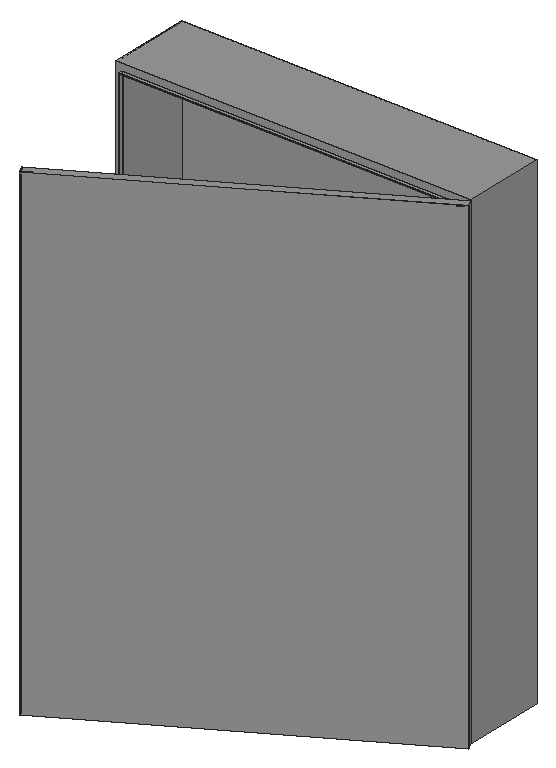
Revit family "Hager-Univers-IP44-D205-H1100-Cl.I-encl-NoHosted-NL-en", category Equipement électrique, Revit 2020
Family settings
  Configuration du panneau = Deux colonnes, circuits au sein
  Cote de connecteur circulaire = Utiliser le diamètre
  Type d'élément = Tableau de raccordement
  Basée sur le plan de construction = Oui
  Toujours verticalement = Oui
  Couper avec des vides une fois chargée = Non
  Partagée = Non
  Point de calcul de pièce = Non
Parameters (values of type "Surface mounted (plaster) IP44 W800 H1100 D205  - FP73QT")
  Width Control [instance] = if([EF000008 - Width] > Min Width, [EF000008 - Width], Min Width)  # 800 mm
  Commentaires du type = [HG000003 - Range]  # "Univers"
  Thickness Door [instance] = if([EF009171 - Material plate thickness door/cover] > 3 mm, 3 mm, [EF009171 - Material plate thickness door/cover])  # 1 mm
  Seal Frame Offset [instance] = 17 mm  # constant formula
  Plinth Visibility [instance] = [HG000027 - Plinth height] > 0 mm  # no
  Min Width [instance] = 100 mm  # constant formula
  Min Depth [instance] = (2 * [EF009170 - Material plate thickness cabinet]) + 1 mm  # 3 mm
  Min Height [instance] = 100 mm  # constant formula
  Internal Frame Depth [instance] = (Door System Depth * 0.5)  # 9 mm
  Panel Name [instance] = ""  # (empty or 0)
  Model = ""
  HG000027 - Plinth height = 0 mm
  HG000026 - Floor standing = no
  HG000024 - Bottom section height = 600 mm
  HG000023 - Double section enclosure = no
  HG000016 - Door 3d visibility [instance] = yes
  HG000015 - Clearance visibility [instance] = no
  HG000014 - Door on the right [instance] = yes
  HG000013 - Door on the left [instance] = not([HG000014 - Door on the right])  # no
  HG000012 - Door swing angle [instance] = 30.00°
  HG000010 - Asymmetric doors = no
  HG000009 - Double swing door = no
  HG000006 - Flush mounted = no
  HG000004 - Manufacturer reference = "FP73QT"
  HG000003 - Range = "Univers"
  HG000002 - With door or cover = yes
  Frame Offset Bottom [instance] = 10 mm  # constant formula
  Frame Offset [instance] = 15 mm  # constant formula
  EF015940 - Cover with overpressure release = no
  EF011959 - Degree of protection (NEMA) = ""
  EF009554 - Number of openings for flange plates = 6
  EF009212 - Cover model = "EV000116 - Closed"
  EF009171 - Material plate thickness door/cover = 1 mm
  EF009170 - Material plate thickness cabinet = 1 mm
  EF008873 - Nominal current (In) = 250 A
  EF007800 - Suitable for lightning protection = no
  EF006306 - With lock = no
  EF006244 - Transparent cover/door = no
  EF005474 - Degree of protection (IP) = "EV006418 - IP44"
  EF004464 - Type of door = "EV002646 - Single"
  EF004427 - Number of modules = 252
  EF004293 - Impact strength = "EV006815 - IK09"
  EF003532 - Suitable for outdoor use = no
  EF002950 - Width in number of modular spacings = 36
  EF001613 - Circuit integrity = "EV000494 - None"
  EF001596 - Material housing = "EV000179 - Steel"
  EF001131 - Internal depth = 130 mm
  EF001088 - Extension possible = yes
  EF000437 - Number of conduit inlets = 6
  EF000339 - Type of cover = "EV001012 - Cover"
  EF000266 - Number of rows = 7
  EF000218 - Built-in depth = 0 mm
  EF000118 - With mounting plate = no
  EF000116 - RAL-number = "9010"
  EF000049 - Depth = 205 mm
  EF000040 - Height = 1100 mm
  EF000008 - Width = 800 mm
  EF000007 - Colour = "EV000202 - White"
  EF000003 - Mounting method = "EV000384 - Surface mounted (plaster)"
  Door System Leaf Tolerance [instance] = 1.5 mm  # constant formula
  Door System Depth [instance] = 18 mm  # constant formula
  Door Height [instance] = Height Control - [HG000027 - Plinth height]  # 1100 mm
  Description = ""
  Default Elevation = 1219.2 mm
  Connector Offset [instance] = Height Control / 2  # 550 mm
  Fabricant = "Hager"  # constant formula
  Height Control [instance] = if([EF000040 - Height] > Min Height, [EF000040 - Height], Min Height)  # 1100 mm
  Depth Control [instance] = if([EF000049 - Depth] > Min Depth, [EF000049 - Depth], Min Depth)  # 205 mm
  Bottom Top Plate Trim [instance] = 1.5 mm  # constant formula
  Plinth height Ctrl [instance] = if([HG000027 - Plinth height] > 0 mm, [HG000027 - Plinth height], 12 mm)  # 12 mm
Types (4, lengths in mm): name | Width Control | HG000004 - Manufacturer reference | EF009554 - Number of openings for flange plates | EF004464 - Type of door | EF004427 - Number of modules | EF002950 - Width in number of modular spacings | EF000437 - Number of conduit inlets | EF000008 - Width
  Surface mounted (plaster) IP44 W1050 H1100 D205  - FP74QT | 1050 | "FP74QT" | 8 | "EV003602 - Double" | 336 | 48 | 8 | 1050
  Surface mounted (plaster) IP44 W300 H1100 D205  - FP71QT | 300 | "FP71QT" | 2 | "EV002646 - Single" | 84 | 12 | 2 | 300
  Surface mounted (plaster) IP44 W550 H1100 D205  - FP72QT | 550 | "FP72QT" | 4 | "EV002646 - Single" | 168 | 24 | 4 | 550
  Surface mounted (plaster) IP44 W800 H1100 D205  - FP73QT | 800 | "FP73QT" | 6 | "EV002646 - Single" | 252 | 36 | 6 | 800
Reference planes
  plane 1 "Center (Front/Back)": y = 0
  plane 2: z = 0
  plane 3 "Center (Left/Right)": x = 0
  plane 4: y = 0
  plane 5: y = 0
  plane 6: z = 0
  plane 7: x = -400
  plane 8: x = 400
  plane 9: x = 399
  plane 10: x = -399
  plane 11: z = 0
  plane 12: z = 1
  plane 13: y = -205
  plane 14: y = -1
  plane 15: x = 0
  plane 16: y = -187
  plane 17: y = -204
  plane 18: y = -186
  plane 19: x = -384
  plane 20: x = 384
  plane 21: z = 11
  plane 22: x = -383
  plane 23: x = 383
  plane 24: z = 0
  plane 25: z = 1100
  plane 26: z = 1100
  plane 27: z = 1084
  plane 28: z = 1099
Forms (mm)
  Extrusion 1, solid, material "Hager_Steel_RAL7035_Light_Grey", detail levels medium+fine
    sketch origin (-208.679, -4572, 0) x (-1, 0, 0) y (0, -1, 0)
      loop
        line (191.321, -4385) -> (-608.679, -4385) -> (-608.679, -4572) -> (191.321, -4572) -> (191.321, -4385)
    from 0 to 1100
  Extrusion 2, void
    sketch origin (-350.771, -205, 1219.2) x (1, 0, 0) y (0, 0, 1)
      loop
        line (-48.229, -120.2) -> (-48.229, -1218.2) -> (749.771, -1218.2) -> (749.771, -120.2) -> (-48.229, -120.2)
    from -19 to -204
  Extrusion 3, void
    sketch origin (-290.084, -187, 1219.2) x (1, 0, 0) y (0, 0, 1)
      loop
        line (-93.916, -1208.2) -> (674.084, -1208.2) -> (674.084, -135.2) -> (-93.916, -135.2) -> (-93.916, -1208.2)
    from 0 to -1
  Extrusion 4, solid, material "Hager_Steel_RAL7035_Light_Grey", visible <- "Plinth Visibility", detail levels medium+fine
    sketch origin (0, 0, 0) x (1, 0, 0) y (0, 1, 0)
      loop
        line (-400, 0) -> (-400, -187) -> (400, -187) -> (400, 0) -> (-400, 0)
    from 0 to 12 <- "Plinth height Ctrl"
  Extrusion 5, solid, material "Hager_Steel_RAL7035_Light_Grey", detail levels coarse
    sketch origin (0, 0, 0) x (1, 0, 0) y (0, 1, 0)
      loop
        line (-400, 0) -> (-400, -205) -> (400, -205) -> (400, 0) -> (-400, 0)
    from 0 to 1100 <- "Height Control"
  Sweep 6, void
    path in 3D
      loop
        line (-400, -187, 12) -> (400, -187, 12) -> (400, 0, 12) -> (-400, 0, 12) -> (-400, -187, 12)
    profile origin (-400, -93.5, 12) x (1, 0, 0) y (0, 0, 1)
      loop
        line (0, 0) -> (0, -1.5) -> (1.5, -1.5)
        arc (1.5, -1.5) -> (1.061, -0.439) -> (0, 0) r 1.5
  Extrusion 7, solid, material "Hager_Steel_RAL7035_Light_Grey", detail levels fine
    sketch origin (-400, -187, 0) x (1, 0, 0) y (0, 0, 1)
      loop
        line (16, 11) -> (784, 11) -> (784, 1084) -> (16, 1084) -> (16, 11)
      loop
        line (15, 10) -> (785, 10) -> (785, 1085) -> (15, 1085) -> (15, 10)
    from 0 to 9 <- "Internal Frame Depth"
Cuts and joins
  Extrusion 2, Extrusion 3 cuts Extrusion 1
  Sweep 6 cuts Extrusion 4
Lines and regions (mm)
  Masking region 1
    outline origin (0, 0, 0) x (1, 0, 0) y (0, 1, 0)
      loop
        line (-400, 0) -> (-400, -205) -> (400, -205) -> (400, 0) -> (-400, 0)
  Masking region 2, detail levels coarse
    outline origin (-290.084, -187, 1219.2) x (-1, 0, 0) y (0, 0, 1)
      loop
        line (-690.084, -1219.2) -> (109.916, -1219.2) -> (109.916, -119.2) -> (-690.084, -119.2) -> (-690.084, -1219.2)
  Masking region 3, detail levels coarse
    outline origin (0, 0, 0) x (0, 1, 0) y (0, 0, 1)
      loop
        line (0, 0) -> (0, 1100) -> (-205, 1100) -> (-205, 0) -> (0, 0)
  Masking region 4, visible <- "Plinth Visibility", detail levels medium+fine
    outline origin (0, 0, 0) x (0, 1, 0) y (0, 0, 1)
      loop
        line (-1.5, 12) -> (-185.5, 12)
        arc (-185.5, 12) -> (-185.939, 10.939) -> (-187, 10.5) r 1.5
        line (-187, 10.5) -> (-187, 0) -> (0, 0) -> (0, 10.5)
        arc (0, 10.5) -> (-1.061, 10.939) -> (-1.5, 12) r 1.5
  Masking region 5, detail levels medium+fine
    outline origin (0, 0, 594.038) x (0, 1, 0) y (0, 0, 1)
      loop
        line (0, -594.038) -> (0, 505.962) -> (-187, 505.962) -> (-187, -594.038) -> (0, -594.038)
  Masking region 6, detail levels medium+fine
    outline origin (-359.7, -187, 1211.883) x (-1, 0, 0) y (0, 0, 1)
      loop
        line (-759.7, -1211.883) -> (40.3, -1211.883) -> (40.3, -111.883) -> (-759.7, -111.883) -> (-759.7, -1211.883)
  Masking region 7, visible <- "Plinth Visibility", detail levels medium+fine
    outline origin (-320.334, -187, 1041.368) x (-1, 0, 0) y (0, 0, 1)
      loop
        line (-720.334, -1041.368) -> (79.666, -1041.368) -> (79.666, -1030.868)
        arc (79.666, -1030.868) -> (78.606, -1030.429) -> (78.166, -1029.368) r 1.5
        line (78.166, -1029.368) -> (-718.834, -1029.368)
        arc (-718.834, -1029.368) -> (-719.273, -1030.429) -> (-720.334, -1030.868) r 1.5
        line (-720.334, -1030.868) -> (-720.334, -1041.368)
  sketch lines
    curve 1: line (-400, 0, 12) -> (-400, -187, 12)
    curve 2: line (-400, -187, 12) -> (400, -187, 12)
    curve 3: line (400, 0, 12) -> (-400, 0, 12)
    curve 4: line (400, -187, 12) -> (400, 0, 12)
Dimensions and locks
  locked: plane 1 "Center (Front/Back)" to plane 5
  "EF009170 - Material plate thickness cabinet": plane 7 to plane 10
  "EF009170 - Material plate thickness cabinet": plane 8 to plane 9
  equal spacing: plane 7, plane 3 "Center (Left/Right)", plane 8
  "Width Control": plane 7 to plane 8
  "Depth Control": plane 4 to plane 13
  "EF009170 - Material plate thickness cabinet": plane 4 to plane 14
  "Height Control": plane 25 to level
  "HG000027 - Plinth height": plane 11 to level
  "EF009170 - Material plate thickness cabinet": plane 12 to plane 11
  "EF009170 - Material plate thickness cabinet": plane 17 to plane 13
  "EF009170 - Material plate thickness cabinet": plane 18 to plane 16
  "Frame Offset Bottom": plane 21 to plane 12
  "Frame Offset": plane 10 to plane 19
  "Frame Offset": plane 9 to plane 20
  "Door System Depth": plane 16 to plane 13
  "Seal Frame Offset": plane 7 to plane 22
  "Seal Frame Offset": plane 8 to plane 23
  "EF009170 - Material plate thickness cabinet": plane 26 to plane 28
  "Frame Offset": plane 28 to plane 27
  "Connector Offset": plane 2 to connector elem
  "Bottom Top Plate Trim": profile plane to Sweep 6 sketch curve
  "Bottom Top Plate Trim": Sweep 6 sketch curve to Sweep 6 sketch curve
  "Plinth height Ctrl": Masking region 4 sketch curve to level
  "Plinth height Ctrl": Masking region 7 sketch curve to level
  "Thickness Door": Extrusion 7 sketch curve to Extrusion 7 sketch curve  (x4)
  "Bottom Top Plate Trim": radius of Sweep 6 sketch curve
  "Bottom Top Plate Trim": radius of Masking region 4 sketch curve  (x2)
  "Bottom Top Plate Trim": radius of Masking region 7 sketch curve  (x2)
  aligned and locked: Extrusion 2 sketch curve to plane 12
  aligned and locked: Extrusion 2 sketch curve to plane 9
  aligned and locked: Extrusion 2 sketch curve to plane 10
  aligned and locked: Extrusion 2 to plane 14
  aligned and locked: Extrusion 1 sketch curve to plane 4
  aligned and locked: plane 8 to Extrusion 1 sketch curve
  aligned and locked: plane 7 to Extrusion 1 sketch curve
  aligned and locked: Extrusion 2 to plane 18
  aligned and locked: Extrusion 3 sketch curve to plane 19
  aligned and locked: plane 20 to Extrusion 3 sketch curve
  aligned and locked: Extrusion 3 to Extrusion 2
  aligned and locked: Extrusion 3 sketch curve to plane 21
  aligned and locked: plane 3 "Center (Left/Right)" to nested 1
  aligned and locked: Extrusion 1 sketch curve to plane 16
  aligned and locked: Extrusion 4 sketch curve to cut or joined group of Extrusion 1, Extrusion 2, Extrusion 3
  aligned and locked: Masking region 1 sketch curve to plane 7
  aligned and locked: Masking region 1 sketch curve to plane 5
  aligned and locked: Masking region 1 sketch curve to plane 8
  aligned and locked: Masking region 2 sketch curve to level
  aligned and locked: level to Masking region 3 sketch curve
  aligned and locked: plane 1 "Center (Front/Back)" to Masking region 3 sketch curve
  aligned and locked: plane 13 to Masking region 3 sketch curve
  aligned and locked: plane 5 to Masking region 4 sketch curve
  aligned and locked: Masking region 2 sketch curve to plane 8
  aligned and locked: Masking region 2 sketch curve to plane 7
  aligned and locked: plane 7 to nested 2
  aligned and locked: nested 2 to plane 5
  aligned and locked: plane 5 to Masking region 5 sketch curve
  aligned and locked: plane 26 to Masking region 5 sketch curve
  aligned and locked: Extrusion 5 sketch curve to plane 8
  aligned and locked: Extrusion 5 sketch curve to plane 7
  aligned and locked: Extrusion 5 sketch curve to plane 5
  aligned and locked: Extrusion 3 sketch curve to plane 27
  aligned and locked: Extrusion 2 sketch curve to plane 28
  aligned and locked: Masking region 2 to plane 25
  aligned and locked: Extrusion 4 to plane 16
  aligned and locked: profile plane to Sweep 6 sketch curve
  aligned and locked: Masking region 5 sketch curve to plane 24
  aligned and locked: level to Masking region 4 sketch curve
  aligned and locked: Masking region 1 to plane 13
  aligned and locked: nested 1 to plane 16
  aligned and locked: Masking region 3 to plane 25
  aligned and locked: plane 16 to Masking region 4 sketch curve
  aligned and locked: Masking region 5 sketch curve to plane 16
  aligned and locked: plane 24 to plane 11
  aligned and locked: plane 26 to plane 25
  aligned and locked: plane 26 to cut or joined group of Extrusion 1, Extrusion 2, Extrusion 3
  aligned and locked: nested 1 to plane 24
  aligned and locked: Extrusion 1 to Extrusion 3
  aligned and locked: Masking region 6 sketch curve to plane 8
  aligned and locked: Masking region 6 sketch curve to plane 24
  aligned and locked: Masking region 6 sketch curve to plane 7
  aligned and locked: Masking region 6 sketch curve to plane 26
  aligned and locked: Masking region 7 sketch curve to plane 7
  aligned and locked: level to Masking region 7 sketch curve
  aligned and locked: Masking region 7 sketch curve to plane 8
  aligned and locked: Extrusion 7 sketch curve to cut or joined group of Extrusion 1, Extrusion 2, Extrusion 3  (x4)
Automatic sketch dimensions
  plane 19 to Extrusion 3 sketch curve = 0 mm
  Extrusion 3 sketch curve to plane 20 = 0 mm
  Extrusion 3 sketch curve to plane 21 = 0 mm
  Extrusion 4 sketch curve to plane 7 = 0 mm
  Extrusion 4 sketch curve to plane 8 = 0 mm
  Extrusion 4 sketch curve to plane 16 = 0 mm
  Masking region 1 sketch curve to plane 13 = 0 mm
  Masking region 2 sketch curve to plane 25 = 0 mm
  Masking region 3 sketch curve to plane 25 = 0 mm
  Extrusion 5 sketch curve to plane 13 = 0 mm
  profile plane to Sweep 6 sketch curve = 0 mm
Nested families
  nested 1: "EC000058_Univers_Door" at (0, -187, 0), Double <- "HG000009 - Double swing door", Transparent <- "EF006244 - Transparent cover/door", Angle <- "HG000012 - Door swing angle", Door_Right <- "HG000014 - Door on the right", Assymetrical <- "HG000010 - Asymmetric doors", Door <- "HG000002 - With door or cover", Width_Ctrl <- "Width Control", 3d_Door <- "HG000016 - Door 3d visibility", Clearance <- "HG000015 - Clearance visibility", Door_Left <- "HG000013 - Door on the left", Width <- "Width Control", Door_Depth <- "Door System Depth", Leaf_Tolerance <- "Door System Leaf Tolerance", Height <- "Door Height", Lock_Visibility <- "EF006306 - With lock", Thickness <- "Thickness Door", type "EC000058_Univers_Door", detail levels medium+fine
    with min_wh 3 mm, Width_Ctrl 800 mm, Width 800 mm, Transparent no, Thickness 1 mm, Seal_Material Hager_Rubber, Lock_Visibility no, Lock_Material Hager_Plastic_RAL9005_Jet_Black, Leaf_Width 800 mm, Leaf_Tolerance_External_Sides 0 mm, Leaf_Tolerance 1.5 mm, Leaf_Offset 0 mm, Leaf_Height 1097 mm, Leaf_2_Width 800 mm, Leaf_2_Offset 400 mm, Leaf_1_Width 800 mm, Leaf_1_Offset 400 mm, Height_Ctrl 1100 mm, Height 1100 mm, Glass_Material Hager_Glass, Double_Clearance_Ctrl no, Double no, Door_Right_Ctrl yes, Door_Right yes, Door_Material Hager_Steel_RAL7035_Light_Grey, Door_Left_Ctrl no, Door_Left no, Door_Depth 18 mm, Door yes, Clearance_Material Hager_Clearance, Clearance_Depth 800 mm, Clearance_Ctrl no, Clearance no, Assymetrical no, Angle 30.00°, 3d_Door yes
  nested 2: "Hager_Enclosure_Symbol" at (-400, 0, 0), Height <- "Depth Control", Width <- "Width Control", type "Hager_Enclosure_Symbol"
    with Width_Ctrl 800 mm, Width 800 mm, Height_Ctrl 205 mm, Height 205 mm, A_Width_Int 13.453 mm, A_Width 161.438 mm, A_Height_Ctrl 179.375 mm, A_Height 179.375 mm
Connectors
  electrical at (0, 0, 550)
    settings: on plane 1 "Center (Front/Back)", index 1, voltage 0 V, apparent load 0 VA, apparent load phase1 0 VA, apparent load phase2 0 VA, apparent load phase3 0 VA, power factor 1, load classification "Other", number of poles 1, system type 30, power factor state 1, is connector primary yes, connector utility no, sub classification motor no, connector description ""
Definition of nested family "EC000058_Univers_Door"
  Parameters (values of type "EC000058_Univers_Door")
    min_wh [instance] = (2 * Thickness) + 1 mm  # 11 mm
    Width_Ctrl [instance] = 400 mm
    Width [instance] = 500 mm
    Transparent [instance] = yes
    Thickness [instance] = 5 mm
    Seal_Material [instance] = none
    Lock_Visibility [instance] = yes
    Lock_Material [instance] = none
    Leaf_Width [instance] = if((Width_Ctrl - 2 * Leaf_Tolerance_External_Sides) > 0 mm, (Width_Ctrl - 2 * Leaf_Tolerance_External_Sides), min_wh)  # 400 mm
    Leaf_Tolerance_External_Sides [instance] = 0 mm  # constant formula
    Leaf_Tolerance [instance] = 1.5 mm
    Leaf_Offset [instance] = 0 mm  # constant formula
    Leaf_Height [instance] = if((Height_Ctrl - 2 * Leaf_Tolerance) > 0 mm, (Height_Ctrl - 2 * Leaf_Tolerance), min_wh)  # 497 mm
    Leaf_2_Width [instance] = if(and(and(Double, Assymetrical), Door_Left), (Leaf_Width / 3) - (Leaf_Tolerance / 2), if(and(and(Double, Assymetrical), Door_Right), (Leaf_Width / 3) * 2 - (Leaf_Tolerance / 2), if(and(Double, not(Assymetrical)), (Leaf_Width / 2) - Leaf_Tolerance, Leaf_Width)))  # 400 mm
    Leaf_2_Offset [instance] = if(and(Double, Assymetrical), Leaf_2_Width / 2, if(and(Double, not(Assymetrical)), Leaf_Width / 4, Leaf_Width / 2))  # 200 mm
    Leaf_1_Width [instance] = if(and(and(Double, Assymetrical), Door_Right), (Leaf_Width / 3) - (Leaf_Tolerance / 2), if(and(and(Double, Assymetrical), Door_Left), (Width / 3) * 2 - (Leaf_Tolerance / 2), if(and(Double, not(Assymetrical)), (Leaf_Width / 2) - Leaf_Tolerance, Leaf_Width)))  # 400 mm
    Leaf_1_Offset [instance] = if(and(Double, Assymetrical), Leaf_1_Width / 2, if(and(Double, not(Assymetrical)), Leaf_Width / 4, Leaf_Width / 2))  # 200 mm
    Height_Ctrl [instance] = if(Height > min_wh, Height, min_wh)  # 500 mm
    Height [instance] = 500 mm
    Glass_Material [instance] = none
    Double_Clearance_Ctrl [instance] = and(Double, Clearance)  # no
    Double [instance] = no
    Door_Right_Ctrl [instance] = and(or(Door_Right, Double), Door)  # yes
    Door_Right [instance] = yes
    Door_Material [instance] = none
    Door_Left_Ctrl [instance] = and(or(Door_Left, Double), Door)  # no
    Door_Left [instance] = no
    Door_Depth [instance] = 30 mm
    Door [instance] = yes
    Default Elevation = 1219.2 mm
    Clearance_Material [instance] = none
    Clearance_Depth [instance] = if(Leaf_1_Width > Leaf_2_Width, Leaf_1_Width, Leaf_2_Width)  # 400 mm
    Clearance_Ctrl [instance] = and(not(Double), Clearance)  # yes
    Clearance [instance] = yes
    Assymetrical [instance] = yes
    Angle [instance] = 30.00°
    3d_Door [instance] = yes
  Reference planes
    plane 1 "Center (Front/Back)": y = 0
    plane 2 "Bottom": z = 0
    plane 3 "Center (Left/Right)": x = 0
    plane 4: z = 500
    plane 5: x = -200
    plane 6: x = 200
    plane 7: z = 500
    plane 8: x = -200
    plane 9: z = 0
    plane 10: x = 200
    plane 11: y = 0
    plane 12: z = 1.5
    plane 13: x = -600
    plane 14: y = -400
    plane 15: x = 600
    plane 16: x = 0
    plane 17: x = 0
    plane 18: x = -200
    plane 19: x = 200
    plane 20: z = 498.5
  Forms (mm)
    Extrusion 1, solid, material <- "Clearance_Material", visible <- "Double_Clearance_Ctrl"
      sketch origin (1200, 0, 0) x (1, 0, 0) y (0, 0, -1)
        loop
          line (-1800, -498.5) -> (-600, -498.5) -> (-600, 0) -> (-1800, 0) -> (-1800, -498.5)
      from 0 to -400
  Dimensions and locks
    equal spacing: plane 5, plane 3 "Center (Left/Right)", plane 6
    "Width_Ctrl": plane 5 to plane 6
    "Leaf_Offset": plane 5 to plane 8
    "Leaf_Offset": plane 6 to plane 10
    "Leaf_Offset": plane 9 to level
    "Leaf_Offset": plane 4 to plane 7
    "Height_Ctrl": plane 4 to level
    "Leaf_Tolerance": plane 12 to plane 9
    locked: plane 11 to plane 1 "Center (Front/Back)"
    "Leaf_1_Offset": plane 18 to plane 16
    "Leaf_2_Offset": plane 17 to plane 19
    "Leaf_1_Width": plane 13 to plane 8
    "Leaf_2_Width": plane 10 to plane 15
    "Clearance_Depth": plane 14 to plane 1 "Center (Front/Back)"
    "Leaf_Tolerance_External_Sides": plane 8 to plane 18
    "Leaf_Tolerance_External_Sides": plane 19 to plane 10
    "Leaf_Tolerance": plane 7 to plane 20
    aligned and locked: level to plane 2 "Bottom"
    aligned and locked: nested 1 to plane 16
    aligned and locked: nested 2 to plane 17
    aligned and locked: Extrusion 1 to plane 13
    aligned and locked: plane 15 to Extrusion 1
    aligned and locked: Extrusion 1 to plane 14
    aligned and locked: plane 12 to nested 1
    aligned and locked: nested 2 to plane 12
    aligned and locked: Extrusion 1 to plane 11
    aligned and locked: plane 20 to Extrusion 1
    aligned and locked: nested 2 to plane 11
    aligned and locked: nested 1 to plane 11
  Automatic sketch dimensions
    Extrusion 1 sketch curve to level = 0 mm
    plane 5 to Extrusion 1 sketch curve = 400 mm
    plane 6 to Extrusion 1 sketch curve = 400 mm
    Extrusion 1 sketch curve to plane 4 = 1.5 mm
  Nested families
    nested 1: "EC000058_Univers_Door_Leaf" at (0, 0, 1.5), Width <- "Leaf_1_Width", visible <- "Door_Left_Ctrl", Leaf_Height <- "Leaf_Height", Angle <- "Angle", 3d_Door <- "3d_Door", Transparent <- "Transparent", Clearance Material <- "Clearance_Material", Clearance <- "Clearance_Ctrl", Door_Material <- "Door_Material", Glass_Material <- "Glass_Material", Door_Depth <- "Door_Depth", Lock_Material <- "Lock_Material", Seal_Material <- "Seal_Material", Lock_Visibility <- "Lock_Visibility", Thickness <- "Thickness", type "EC000058_Univers_Door_Leaf"
      with Width 400 mm, Transparent_Glass_Offset 30 mm, Transparent_Ctrl yes, Transparent yes, Thickness 5 mm, Standard no, Seal_Material none, Seal_D2 8 mm, Seal_D1 1 mm, Offset_Internal_Frame 10 mm, Lock_Width 20 mm, Lock_Visibility_3d yes, Lock_Visibility yes, Lock_Thickness_3 3 mm, Lock_Thickness_2 1 mm, Lock_Thickness_1 3 mm, Lock_Radius_Offset_2 16 mm, Lock_Radius_Offset_1 15 mm, Lock_Radius_2 5 mm, Lock_Radius 6 mm, Lock_Offset 5 mm, Lock_Material none, Lock_Height 80 mm, Lock_Cover_Top_Offset_2d 17 mm, Lock_Cover_Height -65 mm, Leaf_Height 497 mm, Internal_Seal_Thickness 8 mm, Internal_Seal_Depth_2 4.5 mm, Internal_Frame_Depth 25 mm, Glass_Thickness -1 mm, Glass_Offset -2 mm, Glass_Material none, Door_Material none, Door_Depth 30 mm, Clearance Material none, Clearance yes, Angle_Ctrl 30.00°, Angle 30.00°, 3d_Door yes
    nested 2: "EC000058_Univers_Door_Leaf" at (0, 0, 1.5) x (-1, 0, 0) z (0, 0, 1), Width <- "Leaf_2_Width", visible <- "Door_Right_Ctrl", Leaf_Height <- "Leaf_Height", Angle <- "Angle", 3d_Door <- "3d_Door", Transparent <- "Transparent", Clearance Material <- "Clearance_Material", Clearance <- "Clearance_Ctrl", Door_Material <- "Door_Material", Glass_Material <- "Glass_Material", Door_Depth <- "Door_Depth", Lock_Material <- "Lock_Material", Seal_Material <- "Seal_Material", Lock_Visibility <- "Lock_Visibility", Thickness <- "Thickness", type "EC000058_Univers_Door_Leaf"
      with Width 400 mm, Transparent_Glass_Offset 30 mm, Transparent_Ctrl yes, Transparent yes, Thickness 5 mm, Standard no, Seal_Material none, Seal_D2 8 mm, Seal_D1 1 mm, Offset_Internal_Frame 10 mm, Lock_Width 20 mm, Lock_Visibility_3d yes, Lock_Visibility yes, Lock_Thickness_3 3 mm, Lock_Thickness_2 1 mm, Lock_Thickness_1 3 mm, Lock_Radius_Offset_2 16 mm, Lock_Radius_Offset_1 15 mm, Lock_Radius_2 5 mm, Lock_Radius 6 mm, Lock_Offset 5 mm, Lock_Material none, Lock_Height 80 mm, Lock_Cover_Top_Offset_2d 17 mm, Lock_Cover_Height -65 mm, Leaf_Height 497 mm, Internal_Seal_Thickness 8 mm, Internal_Seal_Depth_2 4.5 mm, Internal_Frame_Depth 25 mm, Glass_Thickness -1 mm, Glass_Offset -2 mm, Glass_Material none, Door_Material none, Door_Depth 30 mm, Clearance Material none, Clearance yes, Angle_Ctrl 30.00°, Angle 30.00°, 3d_Door yes
  Definition of nested family "EC000058_Univers_Door_Leaf"
    Parameters (values of type "EC000058_Univers_Door_Leaf")
      Width [instance] = 2000 mm
      Transparent_Glass_Offset [instance] = 30 mm
      Transparent_Ctrl [instance] = and(Transparent, [3d_Door])  # yes
      Transparent [instance] = yes
      Thickness [instance] = 5 mm
      Standard [instance] = and(not(Transparent), [3d_Door])  # no
      Seal_Material [instance] = none
      Seal_D2 [instance] = 8 mm  # constant formula
      Seal_D1 [instance] = 1 mm  # constant formula
      Offset_Internal_Frame [instance] = 10 mm  # constant formula
      Lock_Width [instance] = 20 mm  # constant formula
      Lock_Visibility_3d [instance] = and(Lock_Visibility, [3d_Door])  # yes
      Lock_Visibility [instance] = yes
      Lock_Thickness_3 [instance] = 3 mm  # constant formula
      Lock_Thickness_2 [instance] = 1 mm  # constant formula
      Lock_Thickness_1 [instance] = 3 mm  # constant formula
      Lock_Radius_Offset_2 [instance] = Lock_Radius_Offset_1 + 1 mm  # 16 mm
      Lock_Radius_Offset_1 [instance] = 15 mm  # constant formula
      Lock_Radius_2 [instance] = Lock_Radius - 1 mm  # 5 mm
      Lock_Radius [instance] = 6 mm  # constant formula
      Lock_Offset [instance] = 5 mm  # constant formula
      Lock_Material [instance] = none
      Lock_Height [instance] = 80 mm  # constant formula
      Lock_Cover_Top_Offset_2d [instance] = Lock_Radius_Offset_2 + 1 mm  # 17 mm
      Lock_Cover_Height [instance] = -(Lock_Height - Lock_Radius_Offset_1)  # -65 mm
      Leaf_Height [instance] = 2720.336 mm
      Internal_Seal_Thickness [instance] = 8 mm  # constant formula
      Internal_Seal_Depth_2 [instance] = 4.5 mm  # constant formula
      Internal_Frame_Depth [instance] = if(Door_Depth - Thickness > 5 mm, Door_Depth - Thickness, 5 mm)  # 25 mm
      Glass_Thickness [instance] = if(Thickness > 15 mm, Glass_Offset + 10 mm, -1 mm)  # -1 mm
      Glass_Offset [instance] = if(Thickness > 15 mm, -(Thickness + 10 mm) / 2, -2 mm)  # -2 mm
      Glass_Material [instance] = none
      Door_Material [instance] = none
      Door_Depth [instance] = 30 mm
      Default Elevation = 0 mm
      Clearance Material [instance] = none
      Clearance [instance] = yes
      Angle_Ctrl [instance] = if(Angle > 180.00°, 180.00°, Angle)  # 90.00°
      Angle [instance] = 90.00°
      3d_Door [instance] = yes
    Reference planes
      plane 1 "Center (Front/Back)": y = 0
      plane 2: z = 0
      plane 3 "Center (Left/Right)": x = 0
      plane 4: y = 2000
      plane 5: x = -1000
      plane 6: x = 1000
      plane 7: x = -3000
      plane 8: z = 2720.336
      plane 9: z = 30
      plane 10: z = 2690.336
      plane 11: x = 970
      plane 12: x = -970
      plane 13: y = -3
      plane 14: z = 107.833
      plane 15: y = -5
      plane 16: y = -223.314
      plane 17: x = -1000
      plane 18: z = 1360.168
      plane 19: y = 30
    Forms (mm)
      Extrusion 1, solid, material <- "Clearance Material", visible <- "Clearance"
        sketch origin (0, 0, 0) x (1, 0, 0) y (0, 0, 1)
          loop
            line (-3000, 2720.336) -> (-3000, 0) -> (1000, 0) -> (1000, 2720.336) -> (-3000, 2720.336)
        from 0 to -2000
      Extrusion 2, solid, material <- "Door_Material", visible <- "Standard", detail levels medium+fine
        sketch origin (-1000, 0, 0) x (0, 1, 0) y (-1, 0, 0)
          loop
            line (0, 30) -> (0, 25) -> (2000, 25) -> (2000, 30) -> (0, 30)
        from 0 to 2720.336 <- "Leaf_Height"
      Extrusion 3, solid, material <- "Door_Material", visible <- "Transparent_Ctrl", detail levels medium+fine
        sketch origin (-1000, 0, 0) x (0, 1, 0) y (-1, 0, 0)
          loop
            line (0, 25) -> (2000, 25) -> (2000, 30) -> (0, 30) -> (0, 25)
        from 0 to 2720.336 <- "Leaf_Height"
      Extrusion 4, void
        sketch origin (-1025, 2000, 0) x (0, 1, 0) y (0, 0, -1)
          loop
            line (-30, -2690.336) -> (-30, -30) -> (-1970, -30) -> (-1970, -2690.336) -> (-30, -2690.336)
        from 0 to 5 <- "Thickness"
      Sweep 5, solid, material <- "Seal_Material", visible <- "Transparent_Ctrl", detail levels fine
        path in 3D
          loop
            line (-1025, 30, 30) -> (-1025, 30, 2690.336) -> (-1025, 1970, 2690.336) -> (-1025, 1970, 30) -> (-1025, 30, 30)
        profile origin (-1025, 1000, 30) x (1, 0, 0) y (0, 0, 1)
          loop
            line (0, 0) -> (0, -8) -> (1, -8) -> (1, 0) -> (0, 0)
      Extrusion 6, solid, material <- "Glass_Material", visible <- "Transparent_Ctrl", detail levels medium+fine
        sketch origin (-1030, 0, 0) x (0, 1, 0) y (0, 0, -1)
          loop
            line (1970, -2690.336) -> (1970, -30) -> (30, -30) -> (30, -2690.336) -> (1970, -2690.336)
        from -2 <- "Glass_Offset" to -1 <- "Glass_Thickness"
      Extrusion 7, solid, material <- "Door_Material", visible <- "3d_Door", detail levels medium+fine
        sketch origin (-1025, 2000, 0) x (0, -1, 0) y (0, 0, -1)
          loop
            line (0, -2720.336) -> (2000, -2720.336) -> (2000, 0) -> (0, 0) -> (0, -2720.336)
          loop
            line (1995, -5) -> (5, -5) -> (5, -2715.336) -> (1995, -2715.336) -> (1995, -5)
        from 0 to 25 <- "Internal_Frame_Depth"
      Sweep 8, solid, material <- "Seal_Material", visible <- "Transparent_Ctrl", detail levels fine
        path in 3D
          loop
            line (-1025, 0, 0) -> (-1025, 2000, 0) -> (-1025, 2000, 2720.336) -> (-1025, 0, 2720.336) -> (-1025, 0, 0)
        profile origin (-1025, 0, 1360.168) x (1, 0, 0) y (0, 1, 0)
          loop
            line (0, 10) -> (2.975, 10)
            arc (2.975, 10) -> (4.053, 10.447) -> (4.5, 11.525) r 1.525
            line (4.5, 11.525) -> (4.5, 16.527)
            arc (4.5, 16.527) -> (4.069, 17.569) -> (3.027, 18) r 1.473
            line (3.027, 18) -> (0, 18) -> (0, 10)
      Extrusion 9, solid, material <- "Lock_Material", visible <- "Lock_Visibility_3d", detail levels fine
        sketch origin (-1030, 0, 0) x (0, 1, 0) y (0, 0, -1)
          loop
            arc (1993.5, -1400.168) -> (1994.561, -1399.729) -> (1995, -1398.668) r 1.5
            line (1995, -1398.668) -> (1995, -1320.168) -> (1975, -1320.168) -> (1975, -1398.668)
            arc (1975, -1398.668) -> (1975.439, -1399.729) -> (1976.5, -1400.168) r 1.5
            line (1976.5, -1400.168) -> (1993.5, -1400.168)
        from 3 <- "Lock_Thickness_1" to 0
      Blend 10, solid, material <- "Lock_Material", visible <- "Lock_Visibility_3d", detail levels fine
        base sketch origin (-1033, 0, 0) x (0, 1, 0) y (0, 0, -1)
          loop
            line (1975, -1320.168) -> (1975, -1398.668)
            arc (1975, -1398.668) -> (1975.439, -1399.729) -> (1976.5, -1400.168) r 1.5
            line (1976.5, -1400.168) -> (1993.5, -1400.168)
            arc (1993.5, -1400.168) -> (1994.561, -1399.729) -> (1995, -1398.668) r 1.5
            line (1995, -1398.668) -> (1995, -1320.168) -> (1975, -1320.168)
        top sketch origin (-1033, 0, 0) x (0, 1, 0) y (0, 0, -1)
          loop
            line (1976, -1320.168) -> (1976, -1398.668)
            arc (1976, -1398.668) -> (1976.146, -1399.022) -> (1976.5, -1399.168) r 0.5
            line (1976.5, -1399.168) -> (1993.5, -1399.168)
            arc (1993.5, -1399.168) -> (1993.854, -1399.022) -> (1994, -1398.668) r 0.5
            line (1994, -1398.668) -> (1994, -1320.168) -> (1976, -1320.168)
        from 0 to 1 <- "Lock_Thickness_2"
      Blend 11, solid, material <- "Lock_Material", visible <- "Lock_Visibility_3d", detail levels fine
        base sketch origin (-1034, 0, 0) x (0, 1, 0) y (0, 0, -1)
          loop
            line (1978, -1320.168) -> (1978, -1384.168)
            arc (1978, -1384.168) -> (1985, -1391.168) -> (1992, -1384.168) r 7
            line (1992, -1384.168) -> (1992, -1320.168) -> (1978, -1320.168)
        top sketch origin (-1034, 0, 0) x (0, 1, 0) y (0, 0, -1)
          loop
            line (1991, -1320.168) -> (1979, -1320.168) -> (1979, -1383.168)
            arc (1979, -1383.168) -> (1985, -1389.168) -> (1991, -1383.168) r 6
            line (1991, -1383.168) -> (1991, -1320.168)
        from 0 to 3 <- "Lock_Thickness_3"
      Extrusion 12, solid, material <- "Lock_Material", visible <- "Lock_Visibility_3d", detail levels fine
        sketch origin (-1030, 1975, 1320.168) x (1, 0, 0) y (0, -1, 0)
          loop
            line (-7, -19) -> (-7, -1) -> (0, -1) -> (0, 0) -> (-8, 0) -> (-8, -20) -> (0, -20) -> (0, -19) -> (-7, -19)
        from 0 to -65 <- "Lock_Cover_Height"
      Extrusion 13, void
        sketch origin (-1038, 1995, 1320.168) x (-1, 0, 0) y (0, 0, -1)
          loop
            line (-5, -65) -> (0, -65) -> (-5, -60) -> (-5, -65)
        from 0 to 20 <- "Lock_Width"
      Extrusion 14, void
        sketch origin (-1038, 1975, 1320.168) x (0, -1, 0) y (0, 0, -1)
          loop
            circle (-10, -15.995) r 6
          loop
            circle (-10, -15.995) r 5
        from 0 to 2
      Extrusion 15, solid, material <- "Lock_Material", visible <- "Lock_Visibility_3d", detail levels medium
        sketch origin (-1030, 0, 0) x (0, 1, 0) y (0, 0, -1)
          loop
            arc (1993.5, -1400.168) -> (1994.561, -1399.729) -> (1995, -1398.668) r 1.5
            line (1995, -1398.668) -> (1995, -1320.168) -> (1975, -1320.168) -> (1975, -1398.668)
            arc (1975, -1398.668) -> (1975.439, -1399.729) -> (1976.5, -1400.168) r 1.5
            line (1976.5, -1400.168) -> (1993.5, -1400.168)
        from 8 to 0
    Cuts and joins
      Extrusion 4 cuts Extrusion 3
      Extrusion 13, Extrusion 14 cuts Extrusion 9
      Extrusion 14 cuts Blend 11
      Extrusion 13, Extrusion 14 cuts Extrusion 12
      joined: Extrusion 9, Blend 10, Blend 11, Extrusion 12
      Extrusion 14 cuts Extrusion 15
    Lines and regions (mm)
      Masking region 1, visible <- "Lock_Visibility", detail levels fine
        outline origin (0, 0, 0) x (0, 1, 0) y (0, 0, 1)
          loop
            line (30, 1320.168) -> (33, 1320.168) -> (33, 1400.168) -> (30, 1400.168) -> (30, 1320.168)
      Masking region 2, visible <- "Lock_Visibility", detail levels fine
        outline origin (0, 3.143, 0) x (0, 1, 0) y (0, 0, 1)
          loop
            line (29.857, 1354.168) -> (30.857, 1354.168) -> (30.857, 1366.168) -> (29.857, 1366.168) -> (29.857, 1354.168)
      Masking region 3, detail levels medium+fine
        outline origin (0, 0, 0) x (0, 1, 0) y (0, 0, 1)
          loop
            line (0, 0) -> (30, 0) -> (30, 2720.336) -> (0, 2720.336) -> (0, 0)
      Masking region 4, detail levels medium+fine
        outline origin (0, 0, 0) x (1, 0, 0) y (0, 0, 1)
          loop
            line (-1000, 2720.336) -> (-1000, 0) -> (1000, 0) -> (1000, 2720.336) -> (-1000, 2720.336)
      Masking region 5, visible <- "Lock_Visibility", detail levels fine
        outline origin (-47.116, 0, 0) x (1, 0, 0) y (0, 0, 1)
          loop
            arc (1024.616, 1399.168) -> (1023.556, 1398.729) -> (1023.116, 1397.668) r 1.5
            line (1023.116, 1397.668) -> (1023.116, 1320.168) -> (1041.116, 1320.168) -> (1041.116, 1397.668)
            arc (1041.116, 1397.668) -> (1040.677, 1398.729) -> (1039.616, 1399.168) r 1.5
            line (1039.616, 1399.168) -> (1024.616, 1399.168)
      Masking region 6, visible <- "Lock_Visibility", detail levels medium+fine
        outline origin (-25, 0, 0) x (1, 0, 0) y (0, 0, 1)
          loop
            arc (1001.5, 1400.168) -> (1000.439, 1399.729) -> (1000, 1398.668) r 1.5
            line (1000, 1398.668) -> (1000, 1320.168) -> (1020, 1320.168) -> (1020, 1398.668)
            arc (1020, 1398.668) -> (1019.561, 1399.729) -> (1018.5, 1400.168) r 1.5
            line (1018.5, 1400.168) -> (1001.5, 1400.168)
      Masking region 7, visible <- "Lock_Visibility", detail levels fine
        outline origin (-73.735, 0, 0) x (1, 0, 0) y (0, 0, 1)
          loop
            line (1051.735, 1382.168) -> (1065.735, 1382.168) -> (1065.735, 1384.168)
            arc (1065.735, 1384.168) -> (1058.735, 1391.168) -> (1051.735, 1384.168) r 7
            line (1051.735, 1384.168) -> (1051.735, 1382.168)
      Masking region 8, visible <- "Lock_Visibility", detail levels fine
        outline origin (-73.735, 0, 0) x (1, 0, 0) y (0, 0, 1)
          loop
            line (1052.735, 1382.168) -> (1064.735, 1382.168) -> (1064.735, 1383.168)
            arc (1064.735, 1383.168) -> (1058.735, 1389.168) -> (1052.735, 1383.168) r 6
            line (1052.735, 1383.168) -> (1052.735, 1382.168)
      Masking region 9, visible <- "Lock_Visibility", detail levels fine
        outline origin (-25, 0, 0) x (1, 0, 0) y (0, 0, 1)
          loop
            line (1020, 1320.168) -> (1020, 1382.168) -> (1000, 1382.168) -> (1000, 1320.168) -> (1020, 1320.168)
      Masking region 10, detail levels medium+fine
        outline origin (0, 0, 0) x (1, 0, 0) y (0, 0, 1)
          loop
            circle (985, 1335.144) r 6
      Masking region 11, detail levels fine
        outline origin (0, 0, 0) x (1, 0, 0) y (0, 0, 1)
          loop
            circle (985, 1335.144) r 5
      Masking region 12, visible <- "Lock_Visibility", detail levels fine
        outline origin (0, 12.767, 0) x (0, 1, 0) y (0, 0, 1)
          loop
            line (20.233, 1320.168) -> (21.233, 1320.168) -> (21.233, 1399.168) -> (20.233, 1400.168) -> (20.233, 1320.168)
      Masking region 13, visible <- "Lock_Visibility", detail levels fine
        outline origin (0, 13.767, -10) x (0, 1, 0) y (0, 0, 1)
          loop
            line (20.233, 1330.168) -> (23.233, 1330.168) -> (23.233, 1399.168) -> (20.233, 1402.168) -> (20.233, 1330.168)
      Masking region 14, visible <- "Lock_Visibility", detail levels fine
        outline origin (0, 12.767, -10) x (0, 1, 0) y (0, 0, 1)
          loop
            line (20.233, 1330.168) -> (25.233, 1330.168) -> (25.233, 1399.305) -> (20.233, 1394.305) -> (20.233, 1330.168)
      Masking region 15, visible <- "Lock_Visibility", detail levels medium
        outline origin (0, 0, 0) x (0, 1, 0) y (0, 0, 1)
          loop
            line (30, 1320.168) -> (38, 1320.168) -> (38, 1400.168) -> (30, 1400.168) -> (30, 1320.168)
      Masking region 16, visible <- "Lock_Visibility", detail levels fine
        outline origin (-1000, 0, 0) x (0, 1, 0) y (-1, 0, 0)
          loop
            line (1975, 30) -> (1995, 30) -> (1995, 38) -> (1975, 38) -> (1975, 30)
          loop
            line (1979, 37) -> (1976, 37) -> (1976, 34) -> (1978, 34) -> (1979, 37)
          loop
            line (1994, 37) -> (1991, 37) -> (1992, 34) -> (1994, 34) -> (1994, 37)
      Masking region 17, visible <- "Lock_Visibility", detail levels medium
        outline origin (-1000, 0, 0) x (0, 1, 0) y (-1, 0, 0)
          loop
            line (1975, 30) -> (1995, 30) -> (1995, 38) -> (1975, 38) -> (1975, 30)
      symbolic lines
        curve 1: line (1000, 0, 0) -> (-3000, 0, 0)
        curve 2: arc (1000, 0, 0) -> (-1000, 2000, 0) -> (-3000, 0, 0) r 2000
        curve 4: line (-1030, 0, 0) -> (-1030, 2000, 0)
      reference lines
        curve 3: line (-1000, 0, 0) -> (-1000, 2000, 0)
      symbolic lines, detail levels medium+fine
        curve 5: line (-1030, 2000, 0) -> (-1025, 2000, 0)
        curve 7: line (-1025, 0, 0) -> (-1030, 0, 0)
        curve 8: line (-1025, 0, 0) -> (-1000, 0, 0)
        curve 9: line (-1000, 0, 0) -> (-1000, 2000, 0)
        curve 10: line (-1000, 2000, 0) -> (-1025, 2000, 0)
      symbolic lines, detail levels fine
        curve 6: line (-1025, 2000, 0) -> (-1025, 0, 0)
      sketch lines
        curve 11: line (-1025, 0, 2720.336) -> (-1025, 0, 0)
        curve 12: line (-1025, 2000, 0) -> (-1025, 0, 0)
        curve 13: line (-1025, 2000, 2720.336) -> (-1025, 2000, 0)
        curve 14: line (-1025, 0, 2720.336) -> (-1025, 2000, 2720.336)
        curve 15: line (-1025, 1970, 30) -> (-1025, 30, 30)
        curve 16: line (-1025, 30, 30) -> (-1025, 30, 2690.336)
        curve 17: line (-1025, 1970, 2690.336) -> (-1025, 1970, 30)
        curve 18: line (-1025, 30, 2690.336) -> (-1025, 1970, 2690.336)
      symbolic lines, visible <- "Transparent", detail levels medium+fine
        curve 19: line (-970, 0, 2690.336) -> (970, 0, 2690.336)
        curve 20: line (-970, 0, 30) -> (-970, 0, 2690.336)
        curve 21: line (970, 0, 30) -> (-970, 0, 30)
        curve 22: line (970, 0, 2690.336) -> (970, 0, 30)
    Dimensions and locks
      "Width": plane 1 "Center (Front/Back)" to plane 4
      equal spacing: plane 5, plane 3 "Center (Left/Right)", plane 6
      "Width": plane 5 to plane 6
      "Width": plane 7 to plane 5
      "Leaf_Height": plane 8 to level
      "Width": curve 5 to curve 3
      "Width": curve 3 to curve 3
      plane 8 to plane 10 = 30 mm
      plane 9 to level = 30 mm
      plane 12 to plane 5 = 30 mm
      plane 6 to plane 11 = 30 mm
      Extrusion 1 to Extrusion 4 sketch curve = 30 mm
      "Transparent_Glass_Offset": curve 3 to Extrusion 4 sketch curve
      "Transparent_Glass_Offset": Extrusion 4 sketch curve to cut or joined group of Extrusion 3, Extrusion 4  (x2)
      cut or joined group of Extrusion 3, Extrusion 4 to Extrusion 6 sketch curve = 30 mm
      "Transparent_Glass_Offset": cut or joined group of Extrusion 3, Extrusion 4 to Extrusion 4 sketch curve
      "Thickness": curve 6 to curve 4
      "Thickness": Extrusion 7 sketch curve to Extrusion 7 sketch curve  (x4)
      "Door_Depth": curve 4 to curve 3
      "Offset_Internal_Frame": profile plane to Sweep 8 sketch curve
      "Internal_Seal_Thickness": Sweep 8 sketch curve to Sweep 8 sketch curve
      "Internal_Seal_Depth_2": profile plane to Sweep 8 sketch curve
      "Seal_D1": profile plane to Sweep 5 sketch curve
      "Seal_D2": profile plane to Sweep 5 sketch curve
      "Thickness": Extrusion 2 sketch curve to Extrusion 2 sketch curve
      equal spacing: Extrusion 9 sketch curve, plane 18, Extrusion 9 sketch curve  (x2)
      equal spacing: Masking region 1 sketch curve, plane 18, Masking region 1 sketch curve
      "Lock_Height": Masking region 1 sketch curve to Masking region 1 sketch curve
      "Lock_Radius": Masking region 2 sketch curve to plane 18 to Masking region 2 sketch curve
      Masking region 2 sketch curve to Masking region 1 = 1 mm
      "Door_Depth": plane 19 to plane 1 "Center (Front/Back)"
      "Lock_Thickness_1": Masking region 1 sketch curve to plane 19
      "Lock_Width": Extrusion 9 sketch curve to Extrusion 9 sketch curve
      "Lock_Height": Extrusion 9 sketch curve to Extrusion 9 sketch curve
      "Lock_Offset": cut or joined group of Extrusion 3, Extrusion 4 to Extrusion 9 sketch curve
      equal spacing: plane 8, plane 18, level
      "Lock_Radius_Offset_1": Blend 11 sketch curve to Blend 10
      locked: Blend 10 to Blend 11 sketch curve at 2  (x2)
      locked: var sketch to Blend 11 sketch curve at 1  (x2)
      "Lock_Radius_Offset_2": Blend 11 sketch curve to Blend 10
      locked: Extrusion 12 sketch curve to Extrusion 12 sketch curve at 1  (x3)
      Masking region 6 sketch curve to Masking region 6 sketch curve = 80 mm
      "Lock_Height": Masking region 6 sketch curve to Masking region 6 sketch curve
      "Lock_Width": Masking region 6 sketch curve to Masking region 6 sketch curve
      locked: Masking region 6 to Masking region 5 sketch curve at 1  (x3)
      locked: Masking region 5 to Masking region 7 sketch curve at 2  (x2)
      "Lock_Radius_Offset_1": Masking region 5 to Masking region 7 sketch curve
      "Lock_Radius_Offset_2": Masking region 5 to Masking region 8 sketch curve
      locked: Masking region 7 to Masking region 8 sketch curve at 1  (x2)
      "Lock_Cover_Top_Offset_2d": Masking region 5 to Masking region 9 sketch curve
      equal spacing: Masking region 9, Masking region 10 sketch curve, Masking region 9
      equal spacing: Masking region 9, Masking region 11 sketch curve, Masking region 9
      Extrusion 15 sketch curve to Extrusion 15 sketch curve = 80 mm
      "Lock_Width": Extrusion 15 sketch curve to Extrusion 15 sketch curve
      "Lock_Height": Extrusion 15 sketch curve to Extrusion 15 sketch curve
      equal spacing: Extrusion 15 sketch curve, plane 18, Extrusion 15 sketch curve
      "Lock_Thickness_3": Masking region 13 sketch curve to Masking region 13 sketch curve
      "Lock_Height": Masking region 12 sketch curve to Masking region 12 sketch curve
      locked: Masking region 13 sketch curve to Masking region 1 at 8
      locked: Masking region 14 sketch curve to Masking region 13 at 1
      locked: Masking region 14 sketch curve to Masking region 1 at 10.863
      "Lock_Height": Masking region 15 sketch curve to Masking region 15 sketch curve
      "Lock_Offset": Extrusion 15 sketch curve to cut or joined group of Extrusion 3, Extrusion 4
      "Lock_Offset": plane 6 to Masking region 6 sketch curve
      radius of Sweep 8 sketch curve = 1.525 mm
      radius of Sweep 8 sketch curve = 1.473 mm
      radius of Extrusion 9 sketch curve = 1.5 mm  (x2)
      "Lock_Radius": radius of Extrusion 14 sketch curve
      "Lock_Radius_2": radius of Extrusion 14 sketch curve
      "Lock_Radius": radius of Masking region 10 sketch curve
      "Lock_Radius_2": radius of Masking region 11 sketch curve
      radius of Extrusion 15 sketch curve = 1.5 mm  (x2)
      "Angle_Ctrl": angle plane 1 "Center (Front/Back)" to curve 3
      locked: Masking region 12 sketch curve to Masking region 12 sketch curve (angle 45.00°)
      locked: Masking region 13 sketch curve to Masking region 13 sketch curve (angle 45.00°)
      locked: Masking region 14 sketch curve to Masking region 14 sketch curve (angle 45.00°)
      aligned and locked: level to plane 2
      aligned and locked: Extrusion 1 to curve 1
      aligned and locked: plane 6 to Extrusion 1
      aligned and locked: Extrusion 1 to plane 1 "Center (Front/Back)"
      aligned and locked: plane 4 to Extrusion 1
      aligned and locked: plane 8 to Extrusion 1
      aligned and locked: curve 7 to Extrusion 2 sketch curve
      aligned and locked: curve 5 to Extrusion 2 sketch curve
      aligned and locked: curve 7 to Extrusion 3 sketch curve
      aligned and locked: Extrusion 3 sketch curve to curve 4
      aligned and locked: Extrusion 3 sketch curve to curve 6
      aligned and locked: Extrusion 3 sketch curve to curve 5
      aligned and locked: curve 9 to curve 3
      aligned and locked: Extrusion 7 sketch curve to cut or joined group of Extrusion 3, Extrusion 4  (x4)
      aligned and locked: plane 17 to curve 3
      aligned and locked: plane 1 "Center (Front/Back)" to curve 3
      aligned and locked: plane 17 to plane 5
      aligned and locked: Sweep 8 sketch curve to profile plane
      aligned and locked: Sweep 5 sketch curve to profile plane  (x2)
      aligned and locked: Masking region 1 to Masking region 2 sketch curve
      aligned and locked: plane 19 to Masking region 1 sketch curve
      aligned and locked: plane 1 "Center (Front/Back)" to Masking region 3 sketch curve
      aligned and locked: plane 19 to Masking region 3 sketch curve
      aligned and locked: level to Masking region 3 sketch curve
      aligned and locked: Masking region 3 sketch curve to plane 8
      aligned and locked: plane 17 to Masking region 4 sketch curve
      aligned and locked: level to Masking region 4 sketch curve
      aligned and locked: Masking region 4 sketch curve to plane 8
      aligned and locked: plane 12 to curve 20
      aligned and locked: plane 10 to curve 19
      aligned and locked: plane 11 to curve 22
      aligned and locked: curve 21 to plane 9
      aligned and locked: Extrusion 2 sketch curve to cut or joined group of Extrusion 3, Extrusion 4
      aligned and locked: Blend 10 sketch curve to Extrusion 9  (x4)
      aligned and locked: Extrusion 9 to Blend 10 sketch curve
      aligned and locked: Blend 10 to Blend 11 sketch curve
      aligned and locked: Extrusion 12 sketch curve to Blend 11
      aligned and locked: Extrusion 12 sketch curve to Extrusion 9  (x4)
      aligned and locked: Masking region 5 sketch curve to Masking region 6
      aligned and locked: Masking region 9 sketch curve to Masking region 6  (x3)
      aligned and locked: Masking region 12 sketch curve to Masking region 1
      aligned and locked: Masking region 13 sketch curve to Masking region 1
      aligned and locked: Masking region 12 to Masking region 14
      aligned and locked: Masking region 14 sketch curve to Masking region 1
      aligned and locked: Masking region 15 sketch curve to Masking region 14
      aligned and locked: Masking region 13 sketch curve to Masking region 12
      aligned and locked: Masking region 16 sketch curve to cut or joined group of Extrusion 14, Extrusion 15  (x4)
      aligned and locked: Masking region 16 sketch curve to cut or joined group of Extrusion 9, Blend 10, Blend 11, Extrusion 12, Extrusion 13, Extrusion 14  (x6)
      aligned and locked: cut or joined group of Extrusion 9, Blend 10, Blend 11, Extrusion 12, Extrusion 13, Extrusion 14 to Masking region 16 sketch curve
      aligned and locked: Masking region 17 sketch curve to cut or joined group of Extrusion 14, Extrusion 15  (x3)
      aligned and locked: Masking region 17 sketch curve to cut or joined group of Extrusion 9, Blend 10, Blend 11, Extrusion 12, Extrusion 13, Extrusion 14
      aligned and locked: Masking region 9 to Masking region 8 sketch curve
      aligned and locked: Masking region 9 to Masking region 7 sketch curve
    Automatic sketch dimensions
      plane 1 "Center (Front/Back)" to curve 2 = 0 mm
      curve 2 to plane 5 = 0 mm
      Extrusion 1 sketch curve to level = 0 mm
      Extrusion 1 sketch curve to plane 7 = 0 mm
      Extrusion 1 sketch curve to plane 6 = 0 mm
      Extrusion 1 sketch curve to plane 8 = 0 mm
      Extrusion 3 to Extrusion 6 sketch curve = 30 mm  (x4)
      Masking region 4 sketch curve to plane 6 = 0 mm
      Blend 10 sketch curve to Extrusion 9 = 1.5 mm
      Blend 10 sketch curve to Extrusion 9 = 1 mm
      Extrusion 13 sketch curve to Extrusion 12 = 0 mm  (x2)
      Extrusion 12 to Extrusion 13 sketch curve = 3 mm
      Extrusion 13 sketch curve to Extrusion 12 = 5 mm
      Extrusion 14 sketch curve to Extrusion 14 sketch curve = 0 mm  (x2)
      Extrusion 14 sketch curve to Extrusion 12 = 10 mm
      Extrusion 14 sketch curve to Extrusion 12 = 15.995 mm
      Masking region 5 sketch curve to Masking region 5 sketch curve = 1.5 mm  (x2)
      Masking region 10 sketch curve to plane 18 = 25.024 mm
      Masking region 11 sketch curve to plane 18 = 25.024 mm
      plane 19 to Masking region 14 sketch curve = 3 mm
      Masking region 16 sketch curve to Masking region 16 sketch curve = 3 mm
      curve 4 to curve 3 = 0 mm
      Blend 10 to Blend 11 sketch curve = 0 mm
      Masking region 6 sketch curve to Masking region 6 sketch curve = 1.5 mm  (x2)
      Masking region 6 sketch curve to plane 18 = 40 mm
      plane 19 to Masking region 12 sketch curve = 3 mm
      Masking region 12 sketch curve to Masking region 12 sketch curve = 1 mm
      Masking region 15 sketch curve to plane 19 = 0 mm
      Masking region 15 sketch curve to plane 18 = 40 mm
      radius of Blend 10 sketch curve to Extrusion 9 = 1 mm
Definition of nested family "Hager_Enclosure_Symbol"
  Parameters (values of type "Hager_Enclosure_Symbol")
    Width_Ctrl [instance] = if(Width > 1 mm, Width, 1 mm)  # 102.27 mm
    Width [instance] = 102.27 mm
    Height_Ctrl [instance] = if(Height > 1 mm, Height, 1 mm)  # 66.5 mm
    A_Width_Int [instance] = if(A_Width / 12 > 2 mm, A_Width / 12, 2 mm)  # 4.364 mm
    A_Width [instance] = if(A_Height_Ctrl * 0.9 > 2 mm, A_Height_Ctrl * 0.9, 2 mm)  # 52.369 mm
    A_Height_Ctrl [instance] = if(A_Height > 2 mm, A_Height, 2 mm)  # 58.188 mm
    Height [instance] = 66.5 mm
    A_Height [instance] = Height - (Height / 8)  # 58.188 mm
  Reference planes
    plane 1 "Centre (avant/arrière)": y = 0
    plane 2: z = 0
    plane 3 "Centre (gauche/droite)": x = 0
    plane 4: x = 52.369
    plane 5: y = 33.042
    plane 6: y = 41.77
    plane 7: y = 66.5
    plane 8: x = 26.184
    plane 9: y = 37.406
    plane 10: x = 102.27
    plane 11: y = 66.5
    plane 12: y = 8.313
  Lines and regions (mm)
    Filled region 1, type "Solid_Black", in view "Niveau de réf."
      outline origin (0, 0, 0) x (1, 0, 0) y (0, 1, 0)
        loop
          line (52.369, 66.5) -> (33.188, 54.536) -> (45.365, 45.006) -> (52.369, 66.5)
    Filled region 2, type "Solid_Black", in view "Niveau de réf."
      outline origin (0, 0, 0) x (1, 0, 0) y (0, 1, 0)
        loop
          line (0, 0) -> (102.27, 0) -> (102.27, 66.5) -> (0, 0)
    detail lines, in view "Niveau de réf."
      curve 1: line (0, 8.313, 0) -> (26.184, 41.77, 0)
      curve 2: line (26.184, 41.77, 0) -> (26.184, 33.042, 0)
      curve 3: line (26.184, 33.042, 0) -> (52.369, 66.5, 0)
  Dimensions and locks
    "A_Width": plane 3 "Centre (gauche/droite)" to plane 4
    equal spacing: plane 3 "Centre (gauche/droite)", plane 8, plane 4
    equal spacing: plane 6, plane 9, plane 5
    equal spacing: curve 3, Filled region 1 sketch curve, Filled region 1 sketch curve
    "Height_Ctrl": plane 1 "Centre (avant/arrière)" to plane 11
    "A_Height_Ctrl": plane 11 to plane 12
    equal spacing: plane 11, plane 9, plane 12
    "A_Width_Int": plane 6 to plane 9
    "Width_Ctrl": plane 3 "Centre (gauche/droite)" to plane 10
    angle Filled region 1 sketch curve to curve 3 = 20.00°
    angle curve 3 to Filled region 1 sketch curve = 20.00°
    locked: curve 3 to Filled region 1 sketch curve (angle 90.00°)
    aligned and locked: plane 10 to Filled region 2
    aligned and locked: plane 11 to Filled region 2 sketch curve
    aligned and locked: plane 10 to Filled region 2 sketch curve
    aligned and locked: plane 3 "Centre (gauche/droite)" to curve 1
    aligned and locked: plane 12 to curve 1
    aligned and locked: plane 7 to plane 11
  Automatic sketch dimensions
    Filled region 1 sketch curve to plane 4 = 0 mm
    Filled region 1 sketch curve to plane 7 = 0 mm
    plane 1 "Centre (avant/arrière)" to Filled region 2 sketch curve = 0 mm
    Filled region 2 sketch curve to plane 3 "Centre (gauche/droite)" = 0 mm
    curve 2 to plane 6 = 0 mm
    curve 2 to plane 8 = 0 mm
    curve 3 to plane 4 = 0 mm
    curve 2 to plane 5 = 0 mm
    curve 3 to plane 7 = 0 mm
